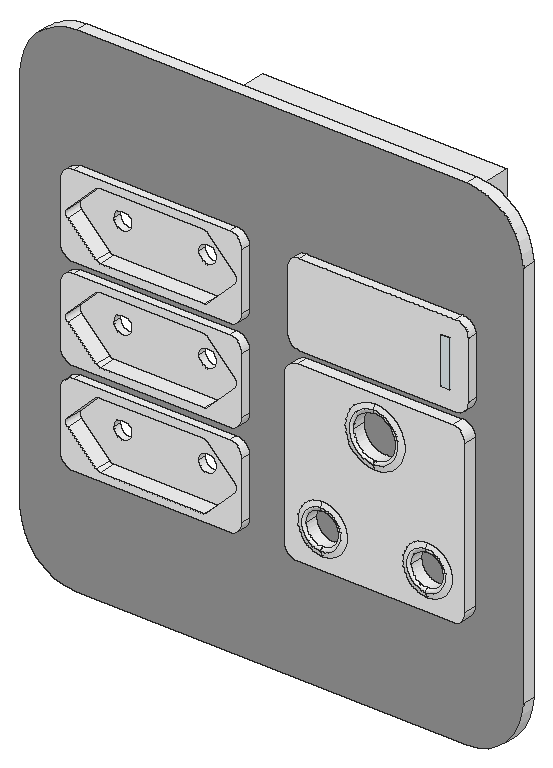
Revit family "EF_Veti-4x4-3-Two-Pin-No-Switching-1-Three-Pin-with-Switching-Power-Point", category Electrical Fixtures, Revit 2016
Family settings
  Maintain Annotation Orientation = No
  Part Type = Normal
  Round Connector Dimension = Use Diameter
  Work Plane-Based = No
  Always vertical = Yes
  Cut with Voids When Loaded = No
  Shared = No
  Room Calculation Point = No
Parameters (values of type "Two Pin No Switching 1 Three Pin with Switching Power Point")
  Voltage_x = 220 V
  URL for TCP = "http://www.tcpbim.co.za"
  URL = "http://www.major-tech.com/15-veti"
  Type Comments = "Plug Points"
  Switch Voltage = Voltage_x  # 220 V
  Plug Point Height [instance] = 1200 mm
  Materials [instance] = 0 mm
  Manufacturer = "VETI"
  Made by = "Tolani Civil Projects cc"
  Load = 2860 VA
  Description = "4x4 3 Two Pin No Switching -1 Three Pin with Switching Power Point"
  Amperage = 16 A
Types (3, lengths in mm): name | URL for TCP | Made by
  (no name) | "http://www.tcpbim.co.za" | "Tolani Civil Projects cc"
  3 Two Pin No Switching | "" | ""
  Two Pin No Switching 1 Three Pin with Switching Power Point | "http://www.tcpbim.co.za" | "Tolani Civil Projects cc"
Reference planes
  plane 1 "Center (Front/Back)": y = 0
  plane 2: z = 0
  plane 3 "Center (Left/Right)": x = 0
Forms (mm)
  Extrusion 1, solid, material "Plastic White"
    sketch origin (-181.105, 75, 0) x (1, 0, 0) y (0, 0, 1)
      loop
        arc (103.605, 1400) -> (87.695, 1393.41) -> (81.105, 1377.5) r 22.5
        line (81.105, 1377.5) -> (81.105, 1222.5)
        arc (81.105, 1222.5) -> (87.695, 1206.59) -> (103.605, 1200) r 22.5
        line (103.605, 1200) -> (258.605, 1200)
        arc (258.605, 1200) -> (274.515, 1206.59) -> (281.105, 1222.5) r 22.5
        line (281.105, 1222.5) -> (281.105, 1377.5)
        arc (281.105, 1377.5) -> (274.515, 1393.41) -> (258.605, 1400) r 22.5
        line (258.605, 1400) -> (103.605, 1400)
      loop
        line (167.116, 1352.41) -> (105.14, 1352.41)
        arc (105.14, 1352.41) -> (101.605, 1350.946) -> (100.14, 1347.41) r 5
        line (100.14, 1347.41) -> (100.14, 1324.634)
        arc (100.14, 1324.634) -> (101.605, 1321.098) -> (105.14, 1319.634) r 5
        line (105.14, 1319.634) -> (167.116, 1319.634)
        arc (167.116, 1319.634) -> (170.651, 1321.098) -> (172.116, 1324.634) r 5
        line (172.116, 1324.634) -> (172.116, 1347.41)
        arc (172.116, 1347.41) -> (170.651, 1350.946) -> (167.116, 1352.41) r 5
      loop
        arc (172.116, 1310.369) -> (170.651, 1313.905) -> (167.116, 1315.369) r 5
        line (167.116, 1315.369) -> (105.14, 1315.369)
        arc (105.14, 1315.369) -> (101.605, 1313.905) -> (100.14, 1310.369) r 5
        line (100.14, 1310.369) -> (100.14, 1287.593)
        arc (100.14, 1287.593) -> (101.605, 1284.057) -> (105.14, 1282.593) r 5
        line (105.14, 1282.593) -> (167.116, 1282.593)
        arc (167.116, 1282.593) -> (170.651, 1284.057) -> (172.116, 1287.593) r 5
        line (172.116, 1287.593) -> (172.116, 1310.369)
      loop
        line (172.116, 1250.167) -> (172.116, 1272.943)
        arc (172.116, 1272.943) -> (170.651, 1276.479) -> (167.116, 1277.943) r 5
        line (167.116, 1277.943) -> (105.14, 1277.943)
        arc (105.14, 1277.943) -> (101.605, 1276.479) -> (100.14, 1272.943) r 5
        line (100.14, 1272.943) -> (100.14, 1250.167)
        arc (100.14, 1250.167) -> (101.605, 1246.632) -> (105.14, 1245.167) r 5
        line (105.14, 1245.167) -> (167.116, 1245.167)
        arc (167.116, 1245.167) -> (170.651, 1246.632) -> (172.116, 1250.167) r 5
    from 75 to 80
  Extrusion 2, solid, material "Plastic White"
    sketch origin (-166.105, 0, 0) x (-1, 0, 0) y (0, 0, 1)
      loop
        line (-214.439, 1370) -> (-214.439, 1360) -> (-117.772, 1360) -> (-117.772, 1370) -> (-214.439, 1370)
    from 0 to 51.204
Cuts and joins
  joined: Extrusion 1, Extrusion 2
Dimensions and locks
  Extrusion 1 sketch curve to Extrusion 1 sketch curve = 200 mm
  Extrusion 2 sketch curve to Extrusion 2 sketch curve to Extrusion 1 = 10 mm, 30 mm
  Extrusion 2 sketch curve to Extrusion 2 sketch curve = 96.667 mm
  cut or joined group of Extrusion 1, Extrusion 2 to cut or joined group of Extrusion 1, Extrusion 2 = 200 mm
  cut or joined group of Extrusion 1, Extrusion 2 to cut or joined group of Extrusion 1, Extrusion 2 to cut or joined group of Extrusion 1, Extrusion 2 to cut or joined group of Extrusion 1, Extrusion 2 = 30 mm locked, 10 mm locked, 160 mm locked
  cut or joined group of Extrusion 1, Extrusion 2 to cut or joined group of Extrusion 1, Extrusion 2 to cut or joined group of Extrusion 1, Extrusion 2 = 51.204 mm locked, 5 mm locked
  cut or joined group of Extrusion 1, Extrusion 2 to cut or joined group of Extrusion 1, Extrusion 2 = 96.667 mm
  locked: cut or joined group of Extrusion 1, Extrusion 2 to plane 1 "Center (Front/Back)"
  plane 3 "Center (Left/Right)" to Extrusion 1 sketch curve = 100 mm
  locked: plane 3 "Center (Left/Right)" to cut or joined group of Extrusion 1, Extrusion 2 at 48.333
  cut or joined group of Extrusion 1, Extrusion 2 to nested 4 to nested 3 to nested 2 to nested 5 to nested 6 to nested 2 to cut or joined group of Extrusion 1, Extrusion 2 = 47.59 mm locked, 32.776 mm locked, 4.203 mm locked, 32.838 mm locked, 4.65 mm locked, 32.643 mm locked, 45.3 mm locked
  nested 2 to nested 4 to plane 3 "Center (Left/Right)" to nested 3 to nested 5 to nested 6 = 71.851 mm locked, 9.039 mm locked, 8.99 mm locked, 15.314 mm locked, 56.662 mm locked
  "Plug Point Height": cut or joined group of Extrusion 1, Extrusion 2 to level
  aligned and locked: level to plane 2
  aligned and locked: nested 1 to plane 1 "Center (Front/Back)"
  aligned and locked: cut or joined group of Extrusion 1, Extrusion 2 to nested 4
  aligned and locked: cut or joined group of Extrusion 1, Extrusion 2 to nested 2
  aligned and locked: nested 3 to nested 4
  aligned and locked: nested 5 to nested 4
  aligned and locked: nested 6 to nested 4
Automatic sketch dimensions
  Extrusion 1 sketch curve to plane 3 "Center (Left/Right)" = 77.5 mm
  plane 3 "Center (Left/Right)" to Extrusion 1 sketch curve = 77.5 mm  (x2)
  level to Extrusion 1 sketch curve = 1200 mm
  Extrusion 1 sketch curve to Extrusion 1 sketch curve = 22.5 mm  (x2)
  Extrusion 2 sketch curve to Extrusion 1 = 51.667 mm  (x2)
  Extrusion 1 sketch curve to plane 3 "Center (Left/Right)" = 75.965 mm
  level to Extrusion 1 sketch curve = 1352.41 mm
  Extrusion 1 sketch curve to Extrusion 1 sketch curve = 5 mm  (x12)
  Extrusion 1 sketch curve to Extrusion 1 sketch curve = 22.776 mm  (x3)
  Extrusion 1 sketch curve to plane 3 "Center (Left/Right)" = 13.99 mm  (x2)
  level to Extrusion 1 sketch curve = 1315.369 mm
  Extrusion 1 sketch curve to Extrusion 1 sketch curve = 0 mm  (x2)
  Extrusion 1 sketch curve to plane 3 "Center (Left/Right)" = 8.99 mm
  level to Extrusion 1 sketch curve = 1272.943 mm
Nested families
  nested 1: "Power Point Test 1" at (0, 0, 0) x (-1, 0, 0) z (0, 0, 1), type "Receptacle Symbol"
  nested 2: "Plug Plate" at (45.023, -5, 199.971), type "Plug Plate"
  nested 3: "2 Pin PLUG" at (-44.977, 1.486, 199.971), type "2 Pin PLUG"
  nested 4: "Switch" at (45.027, -5, 199.971), type "Switch"
  nested 5: "2 Pin PLUG" at (-44.977, 1.486, 162.93), type "2 Pin PLUG"
  nested 6: "2 Pin PLUG" at (-44.977, 1.486, 125.505), type "2 Pin PLUG"
Connectors
  electrical at (0, 25.602, 1370), driven by "Voltage_x", driven by "Load"
    settings: on cut or joined group of Extrusion 1, Extrusion 2, index 4, voltage 220 V, apparent load 0 VA, apparent load phase1 2860 VA, apparent load phase2 0 VA, apparent load phase3 0 VA, power factor 1, load classification "Other", number of poles 1, system type 31, power factor state 1, is connector primary yes, connector utility no, sub classification motor no, connector description ""
  electrical at (0, 25.602, 1370), driven by "Voltage_x", driven by "Load"
    settings: on cut or joined group of Extrusion 1, Extrusion 2, index 5, voltage 220 V, apparent load 0 VA, apparent load phase1 2860 VA, apparent load phase2 0 VA, apparent load phase3 0 VA, power factor 1, load classification "Other", number of poles 1, system type 31, power factor state 1, is connector primary no, connector utility no, sub classification motor no, connector description ""
  electrical at (0, 25.602, 1370), driven by "Voltage_x", driven by "Load"
    settings: on cut or joined group of Extrusion 1, Extrusion 2, index 6, voltage 220 V, apparent load 0 VA, apparent load phase1 2860 VA, apparent load phase2 0 VA, apparent load phase3 0 VA, power factor 1, load classification "Other", number of poles 1, system type 31, power factor state 1, is connector primary no, connector utility no, sub classification motor no, connector description ""
  electrical at (0, 25.602, 1370), driven by "Voltage_x", driven by "Load"
    settings: on cut or joined group of Extrusion 1, Extrusion 2, index 7, voltage 220 V, apparent load 0 VA, apparent load phase1 2860 VA, apparent load phase2 0 VA, apparent load phase3 0 VA, power factor 1, load classification "Other", number of poles 1, system type 31, power factor state 1, is connector primary no, connector utility no, sub classification motor no, connector description ""
Definition of nested family "Plug Plate"
  Reference planes
    plane 1 "Center (Front/Back)": y = 0
    plane 2: z = 0
    plane 3 "Center (Left/Right)": x = 0
    plane 4: x = 0
    plane 5: z = 1100.459
    plane 6: x = 20.867
    plane 7: x = -20.897
    plane 8: z = 1060.329
    plane 9: x = -35.867
    plane 10: x = 35.867
    plane 11 "Left": x = -20.897
    plane 12 "Right": x = 20.867
    plane 13: z = 1060.329
    plane 14: z = 1100.459
  Forms (mm)
    Extrusion 1, solid
      sketch origin (38.868, 0, -0.675) x (1, 0, 0) y (0, 0, 1)
        loop
          arc (-69.734, 1116.134) -> (-73.27, 1114.67) -> (-74.734, 1111.134) r 5
          line (-74.734, 1111.134) -> (-74.734, 1051.004)
          arc (-74.734, 1051.004) -> (-73.27, 1047.468) -> (-69.734, 1046.004) r 5
          line (-69.734, 1046.004) -> (-8.001, 1046.004)
          arc (-8.001, 1046.004) -> (-4.465, 1047.468) -> (-3.001, 1051.004) r 5
          line (-3.001, 1051.004) -> (-3.001, 1111.134)
          arc (-3.001, 1111.134) -> (-4.465, 1114.67) -> (-8.001, 1116.134) r 5
          line (-8.001, 1116.134) -> (-69.734, 1116.134)
        loop
          circle (-38.868, 1101.134) r 8.5
        loop
          circle (-59.764, 1061.004) r 6.5
        loop
          circle (-18.001, 1061.004) r 6.5
      from 5 to 0
    Revolve 2, solid
      sketch origin (-20.897, 0, 0) x (0, 0, -1) y (0, -1, 0)
        loop
          line (-1068.072, 5.593) -> (-1070.253, 4.968) -> (-1066.828, 4.968)
          arc (-1066.828, 4.968) -> (-1067.328, 5.524) -> (-1068.072, 5.593) r 1.027
        axis (-1060.329, 5.593) -> (-1060.329, 4.593)
      angle from 0 to 360
    Revolve 3, solid
      sketch origin (20.867, 0, 0) x (0, 0, -1) y (0, -1, 0)
        loop
          line (-1068.072, 5.593) -> (-1070.253, 4.968) -> (-1066.828, 4.968)
          arc (-1066.828, 4.968) -> (-1067.328, 5.524) -> (-1068.072, 5.593) r 1.027
        axis (-1060.329, 5.593) -> (-1060.329, 4.593)
      angle from 0 to 360
    Revolve 4, solid
      sketch origin (0, 0, 40.13) x (0, 0, -1) y (0, -1, 0)
        loop
          line (-1070.06, 5.593) -> (-1072.241, 4.968) -> (-1068.816, 4.968)
          arc (-1068.816, 4.968) -> (-1069.316, 5.524) -> (-1070.06, 5.593) r 1.027
        axis (-1060.329, 5.593) -> (-1060.329, 4.593)
      angle from 0 to 360
  Cuts and joins
    joined: Extrusion 1, Revolve 2, Revolve 3, Revolve 4
  Dimensions and locks
    aligned and locked: plane 2 to level
Definition of nested family "2 Pin PLUG"
  Reference planes
    plane 1 "Center (Front/Back)": y = 0
    plane 2: z = 0
    plane 3 "Center (Left/Right)": x = 0
  Forms (mm)
    Extrusion 1, solid
      sketch origin (-1.754, 2.672, -0.197) x (1, 0, 0) y (0, 0, 1)
        loop
          arc (-29.234, 1152.636) -> (-32.77, 1151.171) -> (-34.234, 1147.636) r 5
          line (-34.234, 1147.636) -> (-34.234, 1124.86)
          arc (-34.234, 1124.86) -> (-32.77, 1121.324) -> (-29.234, 1119.86) r 5
          line (-29.234, 1119.86) -> (32.741, 1119.86)
          arc (32.741, 1119.86) -> (36.277, 1121.324) -> (37.741, 1124.86) r 5
          line (37.741, 1124.86) -> (37.741, 1147.636)
          arc (37.741, 1147.636) -> (36.277, 1151.171) -> (32.741, 1152.636) r 5
          line (32.741, 1152.636) -> (-29.234, 1152.636)
      from 12.672 to 2.672
    Extrusion 2, void
      sketch origin (-1.754, -10, -0.197) x (-1, 0, 0) y (0, 0, 1)
        loop
          line (18.92, 1149.635) -> (-22.428, 1149.635)
          arc (-22.428, 1149.635) -> (-23.283, 1149.465) -> (-24.008, 1148.981) r 2.235
          line (-24.008, 1148.981) -> (-35.163, 1137.826)
          arc (-35.163, 1137.826) -> (-35.817, 1136.248) -> (-35.163, 1134.669) r 2.232
          line (-35.163, 1134.669) -> (-23.998, 1123.504)
          arc (-23.998, 1123.504) -> (-23.284, 1123.027) -> (-22.442, 1122.86) r 2.2
          line (-22.442, 1122.86) -> (18.935, 1122.86)
          arc (18.935, 1122.86) -> (19.777, 1123.027) -> (20.491, 1123.504) r 2.2
          line (20.491, 1123.504) -> (31.656, 1134.669)
          arc (31.656, 1134.669) -> (32.309, 1136.248) -> (31.656, 1137.826) r 2.232
          line (31.656, 1137.826) -> (20.501, 1148.981)
          arc (20.501, 1148.981) -> (19.776, 1149.465) -> (18.92, 1149.635) r 2.235
      from 0 to 6.946
    Extrusion 3, void
      sketch origin (-1.754, -10, -0.197) x (-1, 0, 0) y (0, 0, 1)
        loop
          circle (15.086, 1136.248) r 3.601
        loop
          circle (-18.593, 1136.248) r 3.601
      from 6.946 to 10
  Cuts and joins
    Extrusion 2, Extrusion 3 cuts Extrusion 1
  Dimensions and locks
    aligned and locked: plane 2 to level
    aligned and locked: Extrusion 1 to plane 1 "Center (Front/Back)"
    aligned and locked: Extrusion 3 to Extrusion 2
    aligned and locked: Extrusion 3 to plane 1 "Center (Front/Back)"
Definition of nested family "Switch"
  Reference planes
    plane 1 "Center (Front/Back)": y = 0
    plane 2: z = 0
    plane 3 "Center (Left/Right)": x = 0
  Forms (mm)
    Extrusion 1, solid
      sketch origin (-1.754, 2.672, -0.197) x (1, 0, 0) y (0, 0, 1)
        loop
          arc (-29.234, 1152.636) -> (-32.77, 1151.171) -> (-34.234, 1147.636) r 5
          line (-34.234, 1147.636) -> (-34.234, 1124.86)
          arc (-34.234, 1124.86) -> (-32.77, 1121.324) -> (-29.234, 1119.86) r 5
          line (-29.234, 1119.86) -> (32.741, 1119.86)
          arc (32.741, 1119.86) -> (36.277, 1121.324) -> (37.741, 1124.86) r 5
          line (37.741, 1124.86) -> (37.741, 1147.636)
          arc (37.741, 1147.636) -> (36.277, 1151.171) -> (32.741, 1152.636) r 5
          line (32.741, 1152.636) -> (-29.234, 1152.636)
      from 6.186 to 2.672
    Extrusion 2, solid
      sketch origin (0, 0, 0) x (1, 0, 0) y (0, 0, 1)
        loop
          line (28.988, 1145.439) -> (25.488, 1145.439) -> (25.488, 1126.663) -> (28.988, 1126.663) -> (28.988, 1145.439)
      from 0 to 3.974
  Dimensions and locks
    aligned and locked: plane 2 to level
    aligned and locked: Extrusion 1 to plane 1 "Center (Front/Back)"
Definition of nested family "Power Point Test 1"
  Parameters
    Plug Point Height = 1200 mm
  Reference planes
    plane 1: y = 0
    plane 2: x = 0
  Lines and regions (mm)
    Filled region 1, type "Filled region 1"
      outline origin (0, 0, 0) x (1, 0, 0) y (0, 1, 0)
        loop
          arc (1.505, 0.736) -> (1.065, 1.797) -> (0.005, 2.236) r 1.5
          line (0.005, 2.236) -> (0.005, 0.736) -> (1.505, 0.736)
    detail lines
      curve 1: line (-0.442, -0.034, 0) -> (-0.442, 0.736, 0)
      curve 2: arc (1.505, 0.736, 0) -> (0.005, 2.236, 0) -> (-1.495, 0.736, 0) r 1.5
      curve 3: line (0.451, -0.034, 0) -> (0.451, 0.736, 0)
      curve 4: line (-1.495, 0.736, 0) -> (1.505, 0.736, 0)
      curve 5: line (0.005, 2.236, 0) -> (0.005, 0.736, 0)
      curve 6: line (-1.056, 1.797, 0) -> (-2.834, 3.575, 0)
      curve 7: line (-2.122, 2.863, 0) -> (-1.419, 3.566, 0)
      curve 8: line (-1.743, 2.484, 0) -> (-1.04, 3.186, 0)
      curve 9: line (-2.476, 3.217, 0) -> (-1.773, 3.919, 0)
      curve 10: line (-2.834, 3.575, 0) -> (-2.132, 4.278, 0)
  Text (mm)
    label "A" at (-0.392, 3.565, 0), shows "Plug Point Height"
    text "4" at (-0.841, 1.93, 0)
  Dimensions and locks
    curve 1 to curve 3 = 0.893 mm
